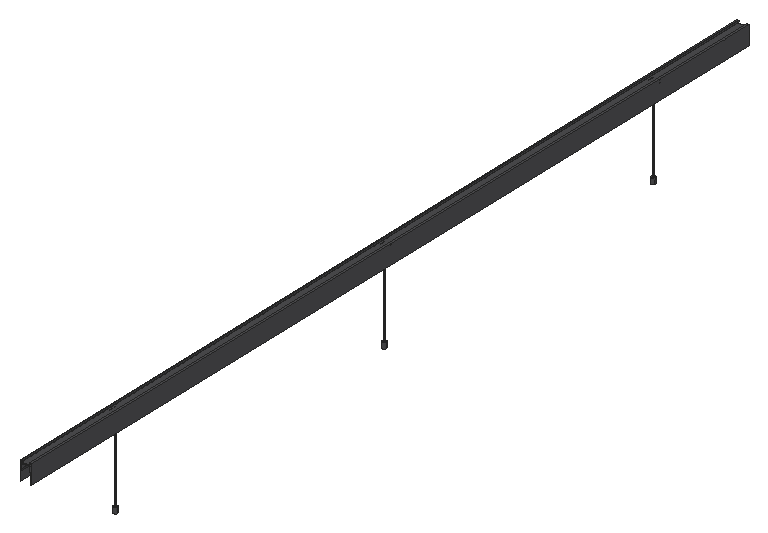
Revit family "Track_Baso_Pendant-with-Uplight", category Lighting Fixtures, host Face, Revit 2020 (continued)
Definition of nested family "BASO - 2D - Pendant"
  Definition of nested family "left Turn Back&Front"
    Lines and regions (mm)
      detail lines, in view "Ref. Level", visible <- "Front Unit Left Turn Visibility"
        curve 1: arc (-19.05, 0, 0) -> (-147.381, 309.819, 0) -> (-457.2, 438.15, 0) r 438.15
        curve 2: arc (19.05, 0, 0) -> (-120.44, 336.76, 0) -> (-457.2, 476.25, 0) r 476.25
      detail lines, in view "Ref. Level", visible <- "Front Unit Left Turn Visibility", detail levels medium+fine
        curve 3: arc (-12.7, 0, 0) -> (-142.891, 314.309, 0) -> (-457.2, 444.5, 0) r 444.5
        curve 4: arc (12.7, 0, 0) -> (-124.931, 332.269, 0) -> (-457.2, 469.9, 0) r 469.9
      detail lines, in view "Ref. Level", visible <- "Back Unit Lft Turn Visibility"
        curve 5: arc (-19.05, -609.6, 0) -> (-147.381, -919.419, 0) -> (-457.2, -1047.75, 0) r 438.15
        curve 6: arc (19.05, -609.6, 0) -> (-120.44, -946.36, 0) -> (-457.2, -1085.85, 0) r 476.25
      detail lines, in view "Ref. Level", visible <- "Back Unit Lft Turn Visibility", detail levels medium+fine
        curve 7: arc (12.7, -609.6, 0) -> (-124.931, -941.869, 0) -> (-457.2, -1079.5, 0) r 469.9
        curve 28: arc (-12.7, -609.6, 0) -> (-142.891, -923.909, 0) -> (-457.2, -1054.1, 0) r 444.5
      detail lines, in view "Ref. Level", visible <- "Front Side Left Turn M90"
        curve 8: line (-457.2, 476.25, 0) -> (19.05, 476.25, 0)
        curve 11: line (-457.2, 438.15, 0) -> (-19.05, 438.15, 0)
        curve 12: line (-19.05, 0, 0) -> (-19.05, 438.15, 0)
        curve 15: line (19.05, 0, 0) -> (19.05, 476.25, 0)
      detail lines, in view "Ref. Level", visible <- "Front Side Left Turn M90", detail levels medium+fine
        curve 9: line (-457.2, 469.9, 0) -> (12.7, 469.9, 0)
        curve 10: line (-457.2, 444.5, 0) -> (-12.7, 444.5, 0)
        curve 13: line (-12.7, 0, 0) -> (-12.7, 444.5, 0)
        curve 14: line (12.7, 0, 0) -> (12.7, 469.9, 0)
      detail lines, in view "Ref. Level", visible <- "Back Side Left Turn M 90"
        curve 16: line (-19.05, -609.6, 0) -> (-19.05, -626.775, 0)
        curve 17: line (-457.2, -1047.75, 0) -> (-19.05, -1047.75, 0)
        curve 20: line (-457.2, -1085.85, 0) -> (19.05, -1085.85, 0)
        curve 23: line (19.05, -609.6, 0) -> (19.05, -1085.85, 0)
        curve 29: line (-19.05, -1047.75, 0) -> (-19.05, -609.6, 0)
      detail lines, in view "Ref. Level", visible <- "Back Side Left Turn M 90", detail levels medium+fine
        curve 18: line (-457.2, -1054.1, 0) -> (-12.7, -1054.1, 0)
        curve 19: line (-457.2, -1079.5, 0) -> (12.7, -1079.5, 0)
        curve 21: line (12.7, -609.6, 0) -> (12.7, -1079.5, 0)
        curve 22: line (-12.7, -609.6, 0) -> (-12.7, -1054.1, 0)
      reference lines, in view "Ref. Level"
        curve 24: line (0, -609.6, 0) -> (184.15, -609.6, 0)
        curve 25: line (0, 0, 0) -> (165.1, 0, 0)
      detail lines, in view "Ref. Level", visible <- "FELL"
        curve 26: line (-457.2, 476.25, 0) -> (-457.2, 438.15, 0)
      detail lines, in view "Ref. Level", visible <- "BELL"
        curve 27: line (-457.2, -1047.75, 0) -> (-457.2, -1085.85, 0)
    Dimensions and locks
      "Curved Radius Front": plane 4 to plane 3 "Center (Left/Right)"
      "Back Curved Radius": plane 6 to plane 3 "Center (Left/Right)"
      "Length": plane 5 to plane 1 "Center (Front/Back)"
      "Front Inside Curved Radius": radius of curve 1
      "Front Out Line Curved Radius": radius of curve 2
      "Second Inside Front": radius of curve 3
      "2 Out Front Line": radius of curve 4
      "Back Inside Curved Radius": radius of curve 5
      "Back Out Line Curved Radius": radius of curve 6
      "2 Out Back Line": radius of curve 7
      "Second Inside Back Line": radius of curve 28
      "Front Angle": angle curve 3 to curve 3
      "Front Angle": angle curve 2 to curve 2
      "Front Angle": angle curve 4 to curve 4
      "Front Angle": angle curve 1 to curve 1
      "Front Angle": angle plane 1 "Center (Front/Back)" to curve 26
      "Back Angle": angle curve 5 to curve 5
      "Back Angle": angle curve 7 to curve 7
      "Back Angle": angle curve 6 to curve 6
      "Back Angle": angle curve 27 to plane 5
      "Back Angle": angle curve 28 to curve 28
      aligned and locked: curve 24 to plane 5
      aligned and locked: plane 3 "Center (Left/Right)" to curve 25
      aligned and locked: plane 5 to curve 28  (x2)
      aligned and locked: plane 5 to curve 7
      aligned and locked: plane 5 to curve 6
      aligned and locked: plane 5 to curve 5
      aligned and locked: plane 6 to curve 28
      aligned and locked: plane 6 to curve 7
      aligned and locked: plane 6 to curve 6
      aligned and locked: plane 6 to curve 5
    Automatic sketch dimensions
      curve 13 to curve 25 = 0' - 0"
      curve 25 to curve 14 = 0' - 0"
      curve 25 to curve 15 = 0' - 0"
      curve 13 to curve 25 = 0' - 0 1/2"
      curve 25 to curve 14 = 0' - 0 1/2"
      curve 14 to curve 15 = 0' - 0 1/4"
      curve 25 to curve 10 = 1' - 5 1/2"
      curve 25 to curve 14 = 1' - 6 1/2"
      curve 14 to curve 8 = 0' - 0 1/4"
      curve 8 to curve 13 = 1' - 5 1/2"
      curve 9 to curve 8 = 0' - 0"
      curve 10 to curve 9 = 0' - 0"
      curve 22 to curve 24 = 0' - 0"
      curve 24 to curve 21 = 0' - 0"
      curve 24 to curve 23 = 0' - 0"
      curve 22 to curve 24 = 0' - 0 1/2"
      curve 24 to curve 21 = 0' - 0 1/2"
      curve 22 to curve 24 = 1' - 5 1/2"
      curve 19 to curve 24 = 1' - 6 1/2"
      curve 18 to curve 18 = 1' - 5 1/2"
      curve 19 to curve 18 = 0' - 0"
      curve 19 to curve 23 = 0' - 0 1/4"
      curve 23 to curve 19 = 0' - 0 1/4"
      curve 11 to plane 4 = 0' - 0"
      curve 12 to plane 3 "Center (Left/Right)" = 0' - 0 3/4"
      curve 12 to curve 12 = 1' - 5 1/4"
      curve 20 to curve 19 = 0' - 0"
      curve 17 to curve 18 = 0' - 0"
      curve 17 to curve 18 = 0' - 0 1/4"
      curve 18 to curve 17 = 0' - 0 1/4"
      plane 1 "Center (Front/Back)" to curve 12 = 0' - 0"
      curve 24 to plane 3 "Center (Left/Right)" = 0' - 0"
      plane 1 "Center (Front/Back)" to curve 25 = 0' - 0"
      plane 3 "Center (Left/Right)" to curve 25 = 0' - 6 1/2"
      plane 3 "Center (Left/Right)" to curve 24 = 0' - 7 1/4"
      curve 1 to curve 2 = 0' - 0"  (x2)
      curve 1 to curve 3 = 0' - 0"  (x2)
      curve 1 to curve 4 = 0' - 0"  (x2)
      curve 2 to curve 3 = 0' - 0"  (x2)
      curve 2 to curve 4 = 0' - 0"  (x2)
      curve 3 to curve 4 = 0' - 0"  (x2)
      plane 1 "Center (Front/Back)" to curve 1 = 0' - 0"
      curve 1 to plane 4 = 0' - 0"
      curve 29 to plane 5 = 1' - 5 1/4"
      curve 16 to plane 5 = 0' - 0.67618"
Definition of nested family "M_Label_Annotation-Large"
  Parameters (values of type "M_Label_Annotation-Large")
    Label = ""
  Reference planes
    plane 1: y = 0
    plane 2: x = 0
  Text (mm)
    label "Label" at (0.007, 0.129, 0), shows "Label"
Types (10): name | Step | Quantity | Nominal Type Length | Length | Height | Distance from End | Connector Offset X | Custom Checker | Track Model R | Length Dimensions
  R1 Track - 2' | 1' - 6" | 2 | 2' - 0" | 2' - 0" | 0' - 1 1/2" | 0' - 3" | 0' - 3" | no | 4 | 2' - 0"
  R1 Track - 4' | 3' - 0" | 2 | 4' - 0" | 4' - 0" | 0' - 1 1/2" | 0' - 6" | 0' - 6" | no | 4 | 4' - 0"
  R1 Track - 6' | 4' - 6" | 2 | 6' - 0" | 6' - 0" | 0' - 1 1/2" | 0' - 9" | 0' - 9" | no | 4 | 6' - 0"
  R1 Track - 8' | 3' - 0" | 3 | 8' - 0" | 8' - 0" | 0' - 1 1/2" | 1' - 0" | 1' - 0" | no | 4 | 8' - 0"
  R1 Track - Custom Length | 3' - 9" | 3 | 4' - 0" | 10' - 0" | 0' - 1 1/2" | 1' - 3" | 1' - 3" | yes | 4 | 10' - 0"
  R2 Track - 2' | 1' - 6" | 2 | 2' - 0" | 2' - 0" | 0' - 2 1/2" | 0' - 3" | 0' - 3" | no | 5 | 2' - 0"
  R2 Track - 4' | 3' - 0" | 2 | 4' - 0" | 4' - 0" | 0' - 2 1/2" | 0' - 6" | 0' - 6" | no | 5 | 4' - 0"
  R2 Track - 6' | 4' - 6" | 2 | 6' - 0" | 6' - 0" | 0' - 2 1/2" | 0' - 9" | 0' - 9" | no | 5 | 6' - 0"
  R2 Track - 8' | 3' - 0" | 3 | 8' - 0" | 8' - 0" | 0' - 2 1/2" | 1' - 0" | 1' - 0" | no | 5 | 8' - 0"
  R2 Track - Custom Length | 3' - 9" | 3 | 4' - 0" | 10' - 0" | 0' - 2 1/2" | 1' - 3" | 1' - 3" | yes | 5 | 10' - 0"
